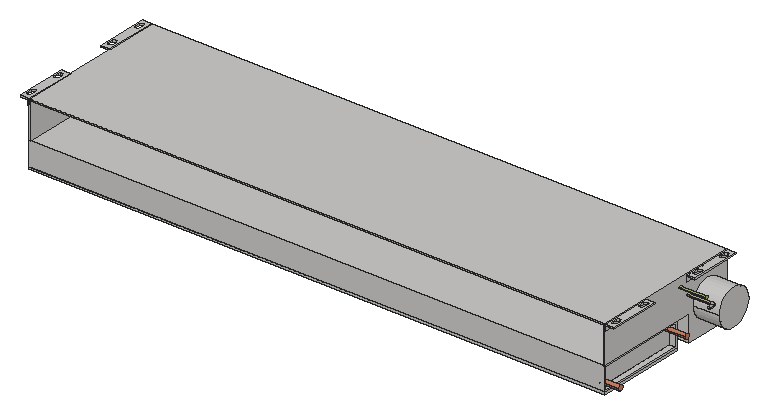
Revit family "HVAC-Chilled_Beam-Dadanco-ACB10", category Mechanical Equipment, Revit 2015
Parameters (values of type "6' Nominal Length")
  Zone Name [instance] = ""
  Zone ID [instance] = ""
  Unit Width = 17"  # constant formula
  Unit Weight = if(Nominal Unit Length = 24", "27 lb", if(Nominal Unit Length = 36", "35 lb", if(Nominal Unit Length = 48", "42 lb", if(Nominal Unit Length = 60", "49 lb", if(Nominal Unit Length = 72", "56 lb", "0 lb")))))  # "56 lb"
  Unit Tag = ""
  Unit Length = if(Nominal Unit Length = 24", 24", if(Nominal Unit Length = 36", 32", if(Nominal Unit Length = 48", 40", if(Nominal Unit Length = 60", 52", if(Nominal Unit Length = 72", 64", 12")))))  # 64"
  Unit Height = 7"  # constant formula
  URL = "http://www.dadanco.com/"
  Type Comments = "Horizonatally Mounted Induction Unit"
  Total Cooling Capacity = 0.0 Btu/h
  Top Bottom Air Inlet [instance] = or(Primary Air Inlet Top, Primary Air Inlet Bottom)  # no
  Supply Air = 0 CFM
  Sound Level dBA = ""
  Sound Level NC = ""
  Side Air Inlet [instance] = or(Primary Air Inlet Right, Primary Air Inlet Left)  # yes
  Secondary Air Sensible Heating = 0.0 Btu/h
  Secondary Air Sensible Cooling = 0.0 Btu/h
  Screen Material = Metal-Dadanco-Aluminum-Screen
  SHHW Temperature = 0 °F
  SHHW Temp Out = 0 °F
  SHHW Pressure Drop [instance] = HWPD  # 0 Pa
  SHHW Flow [instance] = HWF  # 0.0 GPM
  SCHW Temperature = 0 °F
  SCHW Temp Out = 0 °F
  SCHW Pressure Drop [instance] = CWPD  # 0 Pa
  SCHW Flow [instance] = CWF  # 0.0 GPM
  Revision Date = "12/28/2010"  # constant formula
  Product Page URL = "http://www.activechilledbeam.com/efficient_air_conditioning.asp"
  Primary Air Static Pressure [instance] = PASP  # 0.00 in-wg
  Primary Air Inlet Top [instance] = no
  Primary Air Inlet Size = 4"
  Primary Air Inlet Right [instance] = yes
  Primary Air Inlet Left [instance] = no
  Primary Air Inlet Bottom [instance] = no
  Primary Air Inlet Back [instance] = no
  Primary Air Flow Rate [instance] = PA  # 0 CFM
  PASP = 0.00 in-wg
  PA = 0 CFM
  Overall Unit Length = Unit Length + 2"  # 66"
  Oval Air Inlet Height = Oval Air Inlet Radius * 2  # 2"
  Side Air Inlet Round Radius = if(Primary Air Inlet Size = 3", 1 1/2", 2")  # 2"
  Oval Air Inlet Radius = if(Primary Air Inlet Size = 4", 1", if(Primary Air Inlet Size = 6", 1 77/256", 1"))  # 1"
  Oval Air Inlet Length = if(Primary Air Inlet Size = 4", 5", if(Primary Air Inlet Size = 6", 7 205/256", 5"))  # 5"
  Pipe Coil Outlet = if(and([4 Pipe Coil Configuration], [0.5 inch SWT Stub Coil Connection]), "4 Pipe Coi, 0.5 inch SWT Stub Coil Connection", if(and([2 Pipe Coil Configuration], [0.5 inch SWT Stub Coil Connection]), "2 Pipe Coi, 0.5 inch SWT Stub Coil Connection", if(and([4 Pipe Coil Configuration], [0.5 inch Male NPT Stub Coil Connection]), "4 Pipe Coi, 0.5 inch Male NPT Stub Coil Connection", if(and([2 Pipe Coil Configuration], [0.5 inch Male NPT Stub Coil Connection]), "2 Pipe Coi, 0.5 inch Male NPT Stub Coil Connection", if(and([4 Pipe Coil Configuration], [0.5 inch Female NPT Stub coil Connection]), "4 Pipe Coi, 0.5 inch Female NPT Stub Coil Connection", if(and([2 Pipe Coil Configuration], [0.5 inch Female NPT Stub coil Connection]), "2 Pipe Coi, 0.5 inch Female NPT Stub Coil Connection", "Not Specified"))))))  # "2 Pipe Coi, 0.5 inch SWT Stub Coil Connection"
  Pipe Coil Inlet = if(and([4 Pipe Coil Configuration], [0.5 inch SWT Stub Coil Connection]), "4 Pipe Coi, 0.5 inch SWT Stub Coil Connection", if(and([2 Pipe Coil Configuration], [0.5 inch SWT Stub Coil Connection]), "2 Pipe Coi, 0.5 inch SWT Stub Coil Connection", if(and([4 Pipe Coil Configuration], [0.5 inch Male NPT Stub Coil Connection]), "4 Pipe Coi, 0.5 inch Male NPT Stub Coil Connection", if(and([2 Pipe Coil Configuration], [0.5 inch Male NPT Stub Coil Connection]), "2 Pipe Coi, 0.5 inch Male NPT Stub Coil Connection", if(and([4 Pipe Coil Configuration], [0.5 inch Female NPT Stub coil Connection]), "4 Pipe Coi, 0.5 inch Female NPT Stub Coil Connection", if(and([2 Pipe Coil Configuration], [0.5 inch Female NPT Stub coil Connection]), "2 Pipe Coi, 0.5 inch Female NPT Stub Coil Connection", "Not Specified"))))))  # "2 Pipe Coi, 0.5 inch SWT Stub Coil Connection"
  Nozzle Configuration = ""
  Nominal Unit Length = 72"
  Net Unit Heating Sensible = 0.0 Btu/h
  Net Unit Cooling Sensible = 0.0 Btu/h
  Model Number = ""
  Lint Screen = yes
  Latent Cooling = 0.0 Btu/h
  Keynote = "23 37 00.A1"
  Heating Supply Air Temperature = 0 °F
  Heating Room Dry Bulb = 0 °F
  Heating Primary Air Wet Bulb = 0 °F
  Heating Primary Air Dry Bulb = 0 °F
  HWPD = 0 Pa
  HWF = 0.0 GPM
  Drain Pan [instance] = no
  Drain Front [instance] = and(Drain, Drain Outlet Front)  # no
  Drain Outlet Front [instance] = and(Drain Pan, not(Drain Outlet Back))  # no
  Drain Outlet Back [instance] = yes
  Drain Back [instance] = and(Drain, Drain Outlet Back)  # no
  Damper = yes
  Cooling Supply Air Temperature = 0 °F
  Cooling Room Relative Humidity = 0
  Cooling Room Dry Bulb = 0 °F
  Cooling Primary Air Wet Bulb = 0 °F
  Cooling Primary Air Dry Bulb = 0 °F
  CWPD = 0 Pa
  CWF = 0.0 GPM
  Back Air Inlet [instance] = Primary Air Inlet Back  # no
  Drain Pan Width = 14"  # constant formula
  Drain Pan Material = Metal-Dadanco-Steel-Galvanized Black Powder Coat Finish
  Drain Pan Length = if(Nominal Unit Length = 24", 28", if(Nominal Unit Length = 36", 36", if(Nominal Unit Length = 48", 44", if(Nominal Unit Length = 60", 56", if(Nominal Unit Length = 72", 68", 12")))))  # 68"
  Drain Pan Distance Below Unit [instance] = 8"  # constant formula
  Documentation Link = "http://www.dadanco.com/ACB/air_conditioning_literature.asp?productLineID=30"
  Drain [instance] = or(and(Drain Pan, Drain Outlet Back), and(Drain Pan, Drain Outlet Front))  # no
  Damper Lever Right [instance] = or(and(Primary Air Inlet Right, Damper), and(Primary Air Inlet Right, Damper), and(Back Air Inlet, Damper), and(Top Bottom Air Inlet, Damper))  # yes
  Damper Lever Left [instance] = and(Damper, (not(Damper Lever Right)))  # no
  Comiss Tube Right [instance] = Coil Connection Right  # yes
  Comiss Tube Left [instance] = Coil Connection Left  # no
  Coil Connection Right [instance] = yes
  Coil Connection Left [instance] = not(Coil Connection Right)  # no
  Coil Length = if(Nominal Unit Length = 24", 24", if(Nominal Unit Length = 36", 32", if(Nominal Unit Length = 48", 40", if(Nominal Unit Length = 60", 52", if(Nominal Unit Length = 72", 64", 0")))))  # 64"
  Model = "ACB10"  # constant formula
  Manufacturer = "Dadanco"  # constant formula
  Housing Material = Metal-Dadanco-Steel-Galvanized
  Description = "Active Chilled Beam"  # constant formula
  Architectural Design Manual = "http://www.activechilledbeam.com/efficient_air_conditioning.asp"
  Air Inlet Left [instance] = if(Primary Air Inlet Left, 0", 15/16")  # 15/16"
  Air Inlet Right (A) [instance] = if(Primary Air Inlet Right, 0", 15/16")  # 0"
  Oval Air Inlet Half Length = Oval Air Inlet Length / 2  # 2 1/2"
  4 Pipe Coil Configuration Right [instance] = and([4 Pipe Coil Configuration], Coil Connection Right)  # no
  4 Pipe Coil Configuration Left [instance] = and([4 Pipe Coil Configuration], Coil Connection Left)  # no
  4 Pipe Coil Configuration = if([2 or 4 pipe] = 4, 1 = 1, 1 = 0)  # no
  2 or 4 pipe = 2
  2 Pipe Coil Configuration = if([2 or 4 pipe] = 2, 1 = 1, 1 = 0)  # yes
  Assembly Code = "D3040100"
  0.5 inch SWT Stub Coil Connection = not(or([0.5 inch Male NPT Stub Coil Connection], [0.5 inch Female NPT Stub coil Connection]))  # yes
  0.5 inch Male NPT Stub Coil Connection = no
  0.5 inch Female NPT Stub coil Connection = no
Reference planes (in)
  plane 1 "Center (Front/Back)": y = 5.39627
  plane 2 "Center of Unit Height": z = -3.5
  plane 3 "Center (Left/Right)": x = 0.55581
  plane 4 "Nominal Right": x = 33.55581
  plane 5 "Back Face": y = 13.89627
  plane 6 "Front Face": y = -3.10373
  plane 7 "Top Face": z = 0
  plane 8 "Nominal Left": x = -32.44419
  plane 9 "Left Face": x = -31.44419
  plane 10 "Right Face": x = 32.55581
  plane 11 "Left End of Coil": x = -30.69419
  plane 12 "Right End of Coil": x = 31.80581
  plane 13 "Bottom Plenum Face": z = -7
  plane 14 "Top Face of Coil Unit": z = -4.15
  plane 15 "Plenum Front Face": y = 8.60327
  plane 16 "Back Face of Coil Unit": y = 6.89627
  plane 17 "Drain Pan Left End": x = -33.44419
  plane 18 "Drain Pan Right End": x = 34.55581
  plane 19 "Drain Pan Back Edge": y = 8.89627
  plane 20 "Drain Pan Front Edge": y = -5.10373
  plane 21 "Drain Pan Bottom": z = -15
  plane 22 "Side Air Inlet Centerline Vertical": y = 11.14627
  plane 23 "Comiss Tube Centerline Horizontal": z = -0.879
  plane 24 "Comiss Tube Centerline Vertical": y = 7.36127
  plane 25 "Damper Lever Centerline Vertical": y = 8.45527
  plane 26 "Damper Lever Centerline Horizontal": z = -2.075
  plane 27 "Left Pipe Centerline Horizontal": z = -6
  plane 28 "Left Pipe Centerline Vertical": y = -2.72873
  plane 29: y = 0.39627
  plane 30: y = 4.14627
  plane 31 "Right Pipe Centerline Vertical": y = 6.52127
  plane 32 "Upper Pipe Centerline Horizontal": z = -4.9
Forms (in)
  Extrusion 1, solid, material "Metal-Dadanco-Steel-Galvanized" <- "Housing Material"
    sketch origin (0.55581, 0, 0) x (0, 1, 0) y (0, 0, 1)
      loop
        line (-3.10373, 0) -> (-3.10373, -4.15) -> (8.60327, -4.15) -> (8.60327, -7) -> (13.89627, -7) -> (13.89627, 0) -> (-3.10373, 0)
    from -32 to 32
  Extrusion 2, solid, material "Metal-Dadanco-Steel-Galvanized" <- "Housing Material"
    sketch origin (0.55581, 0, 0) x (0, 1, 0) y (0, 0, 1)
      loop
        line (-3.10373, -6.75) -> (6.89627, -6.75) -> (6.89627, -4.15) -> (-3.10373, -4.15) -> (-3.10373, -6.75)
    from -32 to 32
  Extrusion 3, void
    sketch origin (0.55581, 0, 0) x (0, 1, 0) y (0, 0, 1)
      loop
        line (-3.00998, -6.65625) -> (6.80252, -6.65625) -> (6.80252, -4.24375) -> (-3.00998, -4.24375) -> (-3.00998, -6.65625)
    from 31.25 to 32
  Extrusion 4, void
    sketch origin (-31.44419, -4.5755, 36) x (0, -1, 0) y (0, 0, 1)
      loop
        line (-11.37802, -42.65625) -> (-1.56552, -42.65625) -> (-1.56552, -40.24375) -> (-11.37802, -40.24375) -> (-11.37802, -42.65625)
    from -0.75 to 0
  Extrusion 5, solid, material "Metal-Dadanco-Steel-Galvanized" <- "Housing Material", detail levels medium+fine
    sketch origin (0, 0, -5.441) x (0, -1, 0) y (1, 0, 0)
      loop
        line (3.10373, -31.44419) -> (3.10373, 32.55581) -> (-6.89627, 32.55581) -> (-6.89627, -31.44419) -> (3.10373, -31.44419)
      loop
        line (2.35373, -30.69419) -> (2.35373, 31.80581) -> (-6.14627, 31.80581) -> (-6.14627, -30.69419) -> (2.35373, -30.69419)
    from -1.559 to -1.309
  Extrusion 6, solid, material "Metal-Dadanco-Aluminum-Screen" <- "Screen Material", visible <- "Lint Screen", detail levels medium+fine
    sketch origin (0, 0, -5.441) x (0, -1, 0) y (1, 0, 0)
      loop
        line (2.35373, -30.69419) -> (2.35373, 31.80581) -> (-6.14627, 31.80581) -> (-6.14627, -30.69419) -> (2.35373, -30.69419)
    from -1.434 to -1.309
  Extrusion 7, void
    sketch origin (0, 6.82127, 0) x (0, 0, -1) y (1, 0, 0)
      loop
        line (0.125, -31.31919) -> (4.15, -31.31919) -> (4.15, 32.43081) -> (0.125, 32.43081) -> (0.125, -31.31919)
    from -0.075 to 9.925
  Extrusion 8, solid, material "Metal-Dadanco-Steel-Galvanized Black Powder Coat Finish" <- "Drain Pan Material", visible <- "Drain Pan", detail levels medium+fine
    sketch origin (0, 0, -5.441) x (0, -1, 0) y (1, 0, 0)
      loop
        line (5.10373, -33.44419) -> (5.10373, 34.55581) -> (-8.89627, 34.55581) -> (-8.89627, -33.44419) -> (5.10373, -33.44419)
    from -9.559 to -8.359
  Extrusion 9, void
    sketch origin (0, 0, -5.441) x (0, -1, 0) y (1, 0, 0)
      loop
        line (5.00998, -33.35044) -> (5.00998, 34.46206) -> (-8.80252, 34.46206) -> (-8.80252, -33.35044) -> (5.00998, -33.35044)
    from -9.359 to -8.359
  Extrusion 10, solid, material "Metal-Dadanco-Steel-Galvanized Black Powder Coat Finish" <- "Drain Pan Material", visible <- "Drain Pan", detail levels medium+fine
    sketch origin (0, 6.82127, 0) x (0, 0, -1) y (1, 0, 0)
      loop
        line (13.8, -33.44419) -> (13.8, -34.64419) -> (13.925, -34.64419) -> (13.925, -33.44419) -> (13.8, -33.44419)
    from -2.075 to 11.925
  Extrusion 11, solid, material "Metal-Dadanco-Steel-Galvanized Black Powder Coat Finish" <- "Drain Pan Material", visible <- "Drain Pan", detail levels medium+fine
    sketch origin (0, 6.82127, 0) x (0, 0, -1) y (1, 0, 0)
      loop
        line (13.8, 34.55581) -> (13.925, 34.55581) -> (13.925, 35.75581) -> (13.8, 35.75581) -> (13.8, 34.55581)
    from -2.075 to 11.925
  Extrusion 12, solid, material "Metal-Dadanco-Copper-Satin", visible <- "Drain Back"
    sketch origin (-28.20106, 13.89627, 48) x (-1, 0, 0) y (0, 0, 1)
      loop
        circle (4.24312, -62.625) r 0.25
    from -5 to -3.875
  Extrusion 13, solid, material "Metal-Dadanco-Steel-Galvanized" <- "Housing Material", visible <- "Primary Air Inlet Right", detail levels medium+fine
    sketch origin (0.55581, 11.14627, -5.441) x (0, -1, 0) y (0, 0, 1)
      loop
        circle (0, 1.941) r 2
    from -35 to -32
  Extrusion 14, solid, material "Metal-Dadanco-Steel-Galvanized" <- "Housing Material", visible <- "Primary Air Inlet Back"
    sketch origin (-28.20106, 13.89627, 48) x (-1, 0, 0) y (0, 0, 1)
      loop
        line (-30.25688, -52.5) -> (-27.25688, -52.5)
        arc (-27.25688, -52.5) -> (-26.25688, -51.5) -> (-27.25688, -50.5) r 1
        line (-27.25688, -50.5) -> (-30.25688, -50.5)
        arc (-30.25688, -50.5) -> (-31.25688, -51.5) -> (-30.25688, -52.5) r 1
    from 0 to 3
  Extrusion 15, solid, material "Metal-Dadanco-Steel-Galvanized" <- "Housing Material", visible <- "Primary Air Inlet Bottom", detail levels medium+fine
    sketch origin (-0.79009, 13.89627, -3.5) x (0, 1, 0) y (1, 0, 0)
      loop
        line (-1.75, -0.1541) -> (-1.75, 2.8459)
        arc (-1.75, 2.8459) -> (-2.75, 3.8459) -> (-3.75, 2.8459) r 1
        line (-3.75, 2.8459) -> (-3.75, -0.1541)
        arc (-3.75, -0.1541) -> (-2.75, -1.1541) -> (-1.75, -0.1541) r 1
    from 3.5 to 6.5
  Extrusion 16, solid, material "Metal-Dadanco-Steel-Galvanized" <- "Housing Material", visible <- "Primary Air Inlet Top", detail levels medium+fine
    sketch origin (-0.79009, 13.89627, 10.5) x (0, 1, 0) y (1, 0, 0)
      loop
        line (-1.75, -0.1541) -> (-1.75, 2.8459)
        arc (-1.75, 2.8459) -> (-2.75, 3.8459) -> (-3.75, 2.8459) r 1
        line (-3.75, 2.8459) -> (-3.75, -0.1541)
        arc (-3.75, -0.1541) -> (-2.75, -1.1541) -> (-1.75, -0.1541) r 1
    from 7.5 to 10.5
  Extrusion 17, solid, material "Metal-Dadanco-Copper-Platina", visible <- "Comiss Tube Right", detail levels medium+fine
    sketch origin (32.55581, -4.5755, 36) x (0, 1, 0) y (0, 0, -1)
      loop
        circle (11.93677, 36.879) r 0.125
    from -3 to 0
  Sweep 18, solid, material "Metal-Dadanco-Aluminum-Anodized Bronze", visible <- "Damper Lever Right", detail levels medium+fine
    path origin (-7.44419, 8.45527, -2.075) x (0, -1, 0) y (1, 0, 0)
      loop
        line (-0.01882, 40) -> (-0.01882, 42.625)
        arc (-0.01882, 42.625) -> (0.09102, 42.89017) -> (0.35618, 43) r 0.375
        line (0.35618, 43) -> (0.73118, 43)
    profile origin (33.86831, 8.47409, -2.075) x (0, 1, 0) y (0, 0, 1)
      loop
        circle (0, 0) r 0.125
  Extrusion 19, solid, material "Metal-Dadanco-Copper-Satin", visible <- "Coil Connection Right", detail levels medium+fine
    sketch origin (0.55581, -2.75073, -2.075) x (0, -1, 0) y (0, 0, 1)
      loop
        circle (-0.022, -3.925) r 0.25
    from -33.5 to -31.25
  Extrusion 20, solid, material "Metal-Dadanco-Copper-Satin", visible <- "Coil Connection Right", detail levels medium+fine
    sketch origin (0.55581, 6.52127, -2.075) x (0, -1, 0) y (0, 0, 1)
      loop
        circle (0, -2.825) r 0.25
    from -33.5 to -31.25
  Extrusion 21, solid, material "Metal-Dadanco-Copper-Satin", visible <- "4 Pipe Coil Configuration Right", detail levels medium+fine
    sketch origin (0.55581, 0.37427, -2.075) x (0, -1, 0) y (0, 0, 1)
      loop
        circle (-0.022, -2.825) r 0.25
    from -33.5 to -31.25
  Extrusion 22, solid, material "Metal-Dadanco-Copper-Satin", visible <- "4 Pipe Coil Configuration Right", detail levels medium+fine
    sketch origin (0.55581, 3.62427, -2.075) x (0, -1, 0) y (0, 0, 1)
      loop
        circle (-0.522, -2.825) r 0.25
    from -33.5 to -31.25
  Extrusion 23, solid, material "Metal-Dadanco-Steel-Galvanized" <- "Housing Material", visible <- "Primary Air Inlet Left", detail levels medium+fine
    sketch origin (0.55581, 11.14627, -5.441) x (0, -1, 0) y (0, 0, -1)
      loop
        circle (0, -1.941) r 2
    from -35 to -32
  Extrusion 24, solid, material "Metal-Dadanco-Copper-Platina", visible <- "Comiss Tube Left", detail levels medium+fine
    sketch origin (-11.44419, -4.5755, 36) x (0, 1, 0) y (0, 0, 1)
      loop
        circle (11.93677, -36.879) r 0.125
    from -23 to -20
  Sweep 25, solid, material "Metal-Dadanco-Aluminum-Anodized Bronze", visible <- "Damper Lever Left", detail levels medium+fine
    path origin (8.55581, 8.45527, -2.075) x (0, -1, 0) y (1, 0, 0)
      loop
        line (-0.01882, -40) -> (-0.01882, -42.625)
        arc (-0.01882, -42.625) -> (0.09102, -42.89017) -> (0.35618, -43) r 0.375
        line (0.35618, -43) -> (0.73118, -43)
    profile origin (-32.75669, 8.47409, -2.075) x (0, -1, 0) y (0, 0, 1)
      loop
        circle (0, 0) r 0.125
  Extrusion 26, solid, material "Metal-Dadanco-Copper-Satin", visible <- "Coil Connection Left", detail levels medium+fine
    sketch origin (0.55581, -2.75073, -2.075) x (0, -1, 0) y (0, 0, -1)
      loop
        circle (-0.022, 3.925) r 0.25
    from -33.5 to -31.25
  Extrusion 27, solid, material "Metal-Dadanco-Copper-Satin", visible <- "Coil Connection Left", detail levels medium+fine
    sketch origin (0.55581, 6.52127, -2.075) x (0, -1, 0) y (0, 0, -1)
      loop
        circle (0, 2.825) r 0.25
    from -33.5 to -31.25
  Extrusion 28, solid, material "Metal-Dadanco-Copper-Satin", visible <- "4 Pipe Coil Configuration Left", detail levels medium+fine
    sketch origin (0.55581, 0.37427, -2.075) x (0, -1, 0) y (0, 0, -1)
      loop
        circle (-0.022, 2.825) r 0.25
    from -33.5 to -31.25
  Extrusion 29, solid, material "Metal-Dadanco-Copper-Satin", visible <- "4 Pipe Coil Configuration Left", detail levels medium+fine
    sketch origin (0.55581, 3.62427, -2.075) x (0, -1, 0) y (0, 0, -1)
      loop
        circle (-0.522, 2.825) r 0.25
    from -33.5 to -31.25
  Extrusion 30, solid, material "Metal-Dadanco-Copper-Satin", visible <- "Drain Front", detail levels medium+fine
    sketch origin (0, -5.10373, 0) x (-1, 0, 0) y (0, 0, 1)
      loop
        circle (-33.55581, -14.625) r 0.25
    from -1.125 to 0
Cuts and joins
  Extrusion 3, Extrusion 4 cuts Extrusion 2
  Extrusion 4, Extrusion 7 cuts Extrusion 1
  Extrusion 9 cuts Extrusion 8
  joined: Extrusion 8, Extrusion 10, Extrusion 11
Lines and regions (in)
  Masking region 1, detail levels coarse
    outline origin (0, 0, 0) x (0, 1, 0) y (-1, 0, 0)
      loop
        line (-5.10373, 34.64419) -> (-5.10373, -35.75581) -> (13.89627, -35.75581) -> (13.89627, 34.64419) -> (-5.10373, 34.64419)
  Masking region 2, detail levels medium+fine
    outline origin (0, 0, 0) x (0, 1, 0) y (-1, 0, 0)
      loop
        line (13.89627, 31.44419) -> (-3.10373, 31.44419) -> (-3.10373, -32.55581) -> (13.89627, -32.55581) -> (13.89627, 31.44419)
  Masking region 3, detail levels medium+fine
    outline origin (0, 0, 0) x (0, 1, 0) y (-1, 0, 0)
      loop
        line (13.89627, -32.55581) -> (8.14627, -32.55581) -> (8.14627, -33.55581) -> (13.89627, -33.55581) -> (13.89627, -32.55581)
  Masking region 4, detail levels medium+fine
    outline origin (0, 0, 0) x (0, 1, 0) y (-1, 0, 0)
      loop
        line (2.64627, -33.55581) -> (2.64627, -32.55581) -> (-3.10373, -32.55581) -> (-3.10373, -33.55581) -> (2.64627, -33.55581)
  Masking region 5, detail levels medium+fine
    outline origin (0, 0, 0) x (0, 1, 0) y (-1, 0, 0)
      loop
        line (-3.10373, 32.44419) -> (-3.10373, 31.44419) -> (2.64627, 31.44419) -> (2.64627, 32.44419) -> (-3.10373, 32.44419)
  Masking region 6, visible <- "Back Air Inlet", detail levels medium+fine
    outline origin (0, 0, -3.5) x (1, 0, 0) y (0, 1, 0)
      loop
        line (-1.94419, 13.89627) -> (3.05581, 13.89627) -> (3.05581, 16.89627) -> (-1.94419, 16.89627) -> (-1.94419, 13.89627)
  Masking region 7, visible <- "Drain", detail levels medium+fine
    outline origin (0, 0, -15) x (-1, 0, 0) y (0, -1, 0)
      loop
        line (33.44419, 5.10373) -> (-34.55581, 5.10373) -> (-34.55581, -8.89627) -> (33.44419, -8.89627) -> (33.44419, 5.10373)
  Masking region 8, visible <- "Primary Air Inlet Right", detail levels medium+fine
    outline origin (0, 0, -3.5) x (1, 0, 0) y (0, 1, 0)
      loop
        line (32.55581, 13.14627) -> (32.55581, 9.14627) -> (35.55581, 9.14627) -> (35.55581, 13.14627) -> (32.55581, 13.14627)
  Masking region 9, visible <- "Primary Air Inlet Left", detail levels medium+fine
    outline origin (0, 0, -3.5) x (1, 0, 0) y (0, 1, 0)
      loop
        line (-34.44419, 9.14627) -> (-31.44419, 9.14627) -> (-31.44419, 13.14627) -> (-34.44419, 13.14627) -> (-34.44419, 9.14627)
  Masking region 10, visible <- "Drain Front", detail levels medium+fine
    outline origin (0, 0, -15) x (-1, 0, 0) y (0, -1, 0)
      loop
        line (-33.30581, 6.22873) -> (-33.80581, 6.22873) -> (-33.80581, 5.10373) -> (-33.30581, 5.10373) -> (-33.30581, 6.22873)
  Masking region 11, visible <- "Coil Connection Right", detail levels medium+fine
    outline origin (0, 0, -4.9) x (0, -1, 0) y (1, 0, 0)
      loop
        line (2.47873, 34.05581) -> (2.47873, 33.55581) -> (2.9711, 33.55581) -> (2.9711, 34.05581) -> (2.47873, 34.05581)
  Masking region 12, visible <- "4 Pipe Coil Configuration Right", detail levels medium+fine
    outline origin (0, 0, -4.9) x (0, -1, 0) y (1, 0, 0)
      loop
        line (-0.64627, 34.05581) -> (-0.64627, 33.55581) -> (-0.14271, 33.55581) -> (-0.14271, 34.05581) -> (-0.64627, 34.05581)
  Masking region 13, visible <- "4 Pipe Coil Configuration Right", detail levels medium+fine
    outline origin (0, 0, -4.9) x (0, -1, 0) y (1, 0, 0)
      loop
        line (-4.39627, 34.05581) -> (-4.39627, 32.55581) -> (-3.89264, 32.55581) -> (-3.89264, 34.05581) -> (-4.39627, 34.05581)
  Masking region 14, visible <- "Coil Connection Right", detail levels medium+fine
    outline origin (0, 0, -4.9) x (0, -1, 0) y (1, 0, 0)
      loop
        line (-6.77127, 34.05581) -> (-6.77127, 32.55581) -> (-6.27099, 32.55581) -> (-6.27099, 34.05581) -> (-6.77127, 34.05581)
  Masking region 15, visible <- "Comiss Tube Right", detail levels medium+fine
    outline origin (0, 0, -0.879) x (0, -1, 0) y (1, 0, 0)
      loop
        line (-7.23627, 32.55581) -> (-7.23627, 35.55581) -> (-7.48627, 35.55581) -> (-7.48627, 32.55581) -> (-7.23627, 32.55581)
  Masking region 16, visible <- "Damper Lever Right", detail levels medium+fine
    outline origin (0, 0, -2.075) x (0, -1, 0) y (1, 0, 0)
      loop
        line (-8.3492, 32.55581) -> (-8.3492, 35.66774) -> (-8.60327, 35.66774) -> (-8.60327, 32.55581) -> (-8.3492, 32.55581)
  Masking region 17, visible <- "Coil Connection Left", detail levels medium+fine
    outline origin (0, 0, -4.9) x (0, -1, 0) y (1, 0, 0)
      loop
        line (2.97873, -32.94419) -> (2.97873, -32.44419) -> (2.4799, -32.44419) -> (2.4799, -32.94419) -> (2.97873, -32.94419)
  Masking region 18, visible <- "4 Pipe Coil Configuration Left", detail levels medium+fine
    outline origin (0, 0, -4.9) x (0, -1, 0) y (1, 0, 0)
      loop
        line (-0.14627, -32.94419) -> (-0.14627, -32.44419) -> (-0.64616, -32.44419) -> (-0.64616, -32.94419) -> (-0.14627, -32.94419)
  Masking region 19, visible <- "4 Pipe Coil Configuration Left", detail levels medium+fine
    outline origin (0, 0, -4.9) x (0, -1, 0) y (1, 0, 0)
      loop
        line (-3.89627, -32.94419) -> (-3.89627, -31.44419) -> (-4.39627, -31.44419) -> (-4.39627, -32.94419) -> (-3.89627, -32.94419)
  Masking region 20, visible <- "Coil Connection Left", detail levels medium+fine
    outline origin (0, 0, -4.9) x (0, -1, 0) y (1, 0, 0)
      loop
        line (-6.27127, -32.94419) -> (-6.27127, -31.44419) -> (-6.77127, -31.44419) -> (-6.77127, -32.94419) -> (-6.27127, -32.94419)
  Masking region 21, visible <- "Comiss Tube Left", detail levels medium+fine
    outline origin (0, 0, -0.879) x (0, -1, 0) y (1, 0, 0)
      loop
        line (-7.23627, -34.44419) -> (-7.23627, -31.44419) -> (-7.48627, -31.44419) -> (-7.48627, -34.44419) -> (-7.23627, -34.44419)
  Masking region 22, visible <- "Damper Lever Left", detail levels medium+fine
    outline origin (0, 0, -2.075) x (0, -1, 0) y (1, 0, 0)
      loop
        line (-8.60327, -32.44419) -> (-8.60327, -34.56875) -> (-8.35327, -34.56875) -> (-8.35327, -32.44419) -> (-8.60327, -32.44419)
  Masking region 23, detail levels coarse
    outline origin (-28.20106, -3.10373, 48) x (-1, 0, 0) y (0, 0, 1)
      loop
        line (4.24312, -48) -> (-61.75688, -48) -> (-61.75688, -63) -> (4.24312, -63) -> (4.24312, -48)
  Masking region 24, detail levels medium+fine
    outline origin (0, 0, 0) x (0, 1, 0) y (-1, 0, 0)
      loop
        line (13.89627, 32.44419) -> (8.14627, 32.44419) -> (8.14627, 31.44419) -> (13.89627, 31.44419) -> (13.89627, 32.44419)
  Masking region 25, visible <- "Primary Air Inlet Top", detail levels medium+fine
    outline origin (0, 11.14627, 0) x (-1, 0, 0) y (0, 0, 1)
      loop
        line (-3.05581, 0) -> (1.94419, 0) -> (1.94419, 3) -> (-3.05581, 3) -> (-3.05581, 0)
  Masking region 26, visible <- "Primary Air Inlet Bottom", detail levels medium+fine
    outline origin (0, 11.14627, 0) x (-1, 0, 0) y (0, 0, 1)
      loop
        line (1.94419, -10) -> (1.94419, -7) -> (-3.05581, -7) -> (-3.05581, -10) -> (1.94419, -10)
  Masking region 27, visible <- "Primary Air Inlet Right", detail levels medium+fine
    outline origin (0, 11.14627, 0) x (-1, 0, 0) y (0, 0, 1)
      loop
        line (-35.55581, -5.5) -> (-32.55581, -5.5) -> (-32.55581, -1.5) -> (-35.55581, -1.5) -> (-35.55581, -5.5)
  Masking region 28, visible <- "Primary Air Inlet Left", detail levels medium+fine
    outline origin (0, 11.14627, 0) x (-1, 0, 0) y (0, 0, 1)
      loop
        line (34.44419, -5.5) -> (34.44419, -1.5) -> (31.44419, -1.5) -> (31.44419, -5.5) -> (34.44419, -5.5)
  Masking region 29, visible <- "Drain Pan", detail levels medium+fine
    outline origin (0, -5.10373, 0) x (-1, 0, 0) y (0, 0, 1)
      loop
        line (33.44419, -15) -> (33.44419, -13.8) -> (-34.55581, -13.8) -> (-34.55581, -15) -> (33.44419, -15)
  Masking region 30, visible <- "Coil Connection Right", detail levels medium+fine
    outline origin (0, 6.52127, 0) x (0, 0, 1) y (1, 0, 0)
      loop
        line (-5.75, 34.05581) -> (-6.25168, 34.05581) -> (-6.25168, 32.55581) -> (-5.75, 32.55581) -> (-5.75, 34.05581)
  Masking region 31, visible <- "Coil Connection Right", detail levels medium+fine
    outline origin (0, 6.52127, 0) x (0, 0, 1) y (1, 0, 0)
      loop
        line (-4.65, 34.05581) -> (-5.14868, 34.05581) -> (-5.14868, 32.55581) -> (-4.65, 32.55581) -> (-4.65, 34.05581)
  Masking region 32, visible <- "Damper Lever Right", detail levels medium+fine
    outline origin (0, 8.45527, 0) x (0, 0, 1) y (1, 0, 0)
      loop
        line (-2.2, 32.55581) -> (-1.95, 32.55581) -> (-1.95, 35.67544) -> (-2.2, 35.67544) -> (-2.2, 32.55581)
  Masking region 33, visible <- "Comiss Tube Right", detail levels medium+fine
    outline origin (0, 7.36127, 0) x (0, 0, 1) y (1, 0, 0)
      loop
        line (-1.004, 32.55581) -> (-0.754, 32.55581) -> (-0.754, 35.55581) -> (-1.004, 35.55581) -> (-1.004, 32.55581)
  Masking region 34, visible <- "Comiss Tube Left", detail levels medium+fine
    outline origin (0, 7.36127, 0) x (0, 0, 1) y (1, 0, 0)
      loop
        line (-1.004, -34.44419) -> (-0.754, -34.44419) -> (-0.754, -31.44419) -> (-1.004, -31.44419) -> (-1.004, -34.44419)
  Masking region 35, visible <- "Damper Lever Left", detail levels medium+fine
    outline origin (0, 8.45527, 0) x (0, 0, 1) y (1, 0, 0)
      loop
        line (-1.95, -31.44419) -> (-2.2, -31.44419) -> (-2.2, -34.5678) -> (-1.95, -34.5678) -> (-1.95, -31.44419)
  Masking region 36, visible <- "Coil Connection Left", detail levels medium+fine
    outline origin (0, -2.72873, 0) x (0, 0, -1) y (1, 0, 0)
      loop
        line (5.15, -32.94419) -> (5.15, -31.44419) -> (4.64917, -31.44419) -> (4.64917, -32.94419) -> (5.15, -32.94419)
  Masking region 37, visible <- "Coil Connection Left", detail levels medium+fine
    outline origin (0, -2.72873, 0) x (0, 0, -1) y (1, 0, 0)
      loop
        line (6.25, -32.94419) -> (6.25, -31.44419) -> (5.74745, -31.44419) -> (5.74745, -32.94419) -> (6.25, -32.94419)
  Masking region 38, detail levels medium+fine
    outline origin (-28.20106, -3.10373, 48) x (-1, 0, 0) y (0, 0, 1)
      loop
        line (3.24312, -48) -> (-60.75688, -48) -> (-60.75688, -55) -> (3.24312, -55) -> (3.24312, -48)
  Masking region 39, detail levels coarse
    outline origin (32.55581, -4.5755, 36) x (0, 1, 0) y (0, 0, 1)
      loop
        line (-0.52823, -51) -> (18.47177, -51) -> (18.47177, -36) -> (-0.52823, -36) -> (-0.52823, -51)
  Masking region 40, detail levels medium+fine
    outline origin (31.80581, -32.70874, 48) x (0, -1, 0) y (0, 0, 1)
      loop
        line (-29.60501, -55) -> (-29.60501, -52.15) -> (-39.60501, -52.15) -> (-39.60501, -55) -> (-29.60501, -55)
  Masking region 41, detail levels medium+fine
    outline origin (32.55581, -4.5755, 36) x (0, 1, 0) y (0, 0, 1)
      loop
        line (1.47177, -36) -> (1.47177, -40.15) -> (13.17877, -40.15) -> (13.17877, -43) -> (18.47177, -43) -> (18.47177, -36) -> (1.47177, -36)
  Masking region 42, visible <- "Primary Air Inlet Top", detail levels medium+fine
    outline origin (0.55581, 0, 0) x (0, 1, 0) y (0, 0, 1)
      loop
        line (10.14627, 0) -> (12.14627, 0) -> (12.14627, 3) -> (10.14627, 3) -> (10.14627, 0)
  Masking region 43, visible <- "Primary Air Inlet Back", detail levels medium+fine
    outline origin (0.55581, 0, 0) x (0, 1, 0) y (0, 0, 1)
      loop
        line (13.89627, -2.5) -> (13.89627, -4.5) -> (16.89627, -4.5) -> (16.89627, -2.5) -> (13.89627, -2.5)
  Masking region 44, visible <- "Primary Air Inlet Bottom", detail levels medium+fine
    outline origin (0.55581, 0, 0) x (0, 1, 0) y (0, 0, 1)
      loop
        line (10.14627, -7) -> (10.14627, -10) -> (12.14627, -10) -> (12.14627, -7) -> (10.14627, -7)
  Masking region 45, visible <- "Drain Pan", detail levels medium+fine
    outline origin (34.55581, 0, 0) x (0, -1, 0) y (0, 0, 1)
      loop
        line (5.10373, -15) -> (5.10373, -13.8) -> (-8.89627, -13.8) -> (-8.89627, -15) -> (5.10373, -15)
  Masking region 46, visible <- "Drain Back", detail levels medium+fine
    outline origin (32.55581, -4.5755, 36) x (0, 1, 0) y (0, 0, 1)
      loop
        line (13.47177, -50.875) -> (14.59677, -50.875) -> (14.59677, -50.375) -> (13.47177, -50.375) -> (13.47177, -50.875)
  Masking region 47, visible <- "Drain Front", detail levels medium+fine
    outline origin (32.55581, -4.5755, 36) x (0, 1, 0) y (0, 0, 1)
      loop
        line (-1.65323, -50.875) -> (-0.52823, -50.875) -> (-0.52823, -50.375) -> (-1.65323, -50.375) -> (-1.65323, -50.875)
  reference lines
    curve 1: line (-32.44419, 13.89627, -12.65253) -> (-32.44419, 13.89627, -16.30589)
    curve 2: line (-35.3892, 13.89627, -14.625) -> (-30.3892, 13.89627, -14.625)
    curve 3: line (3.05581, 13.89627, -1.66459) -> (3.05581, 13.89627, -5.91459)
    curve 4: line (2.05581, 13.89627, -1.66459) -> (2.05581, 13.89627, -5.91459)
    curve 5: line (-0.94419, 13.89627, -1.66459) -> (-0.94419, 13.89627, -5.91459)
    curve 6: line (-1.94419, 13.89627, -1.66459) -> (-1.94419, 13.89627, -5.73317)
    curve 7: line (3.77183, 13.89627, -2.5) -> (-2.72817, 13.89627, -2.5)
    curve 8: line (3.77183, 13.89627, -4.5) -> (-2.72817, 13.89627, -4.5)
    curve 9: line (-3.16262, 12.14627, -3.5) -> (4.33738, 12.14627, -3.5)
    curve 10: line (-3.16262, 10.14627, -3.5) -> (4.33738, 10.14627, -3.5)
    curve 11: line (3.05581, 13.39627, -3.5) -> (3.05581, 9.39627, -3.5)
    curve 12: line (-1.94419, 13.39627, -3.5) -> (-1.94419, 9.39627, -3.5)
    curve 13: line (-0.94419, 13.39627, -3.5) -> (-0.94419, 9.39627, -3.5)
    curve 14: line (2.05581, 13.39627, -3.5) -> (2.05581, 9.39627, -3.5)
    curve 15: line (33.55581, 6.82127, -13.19942) -> (33.55581, 6.82127, -16.44942)
    curve 16: line (36.21142, 6.82127, -14.625) -> (30.96142, 6.82127, -14.625)
  symbolic lines, visible <- "Primary Air Inlet Top", detail levels medium+fine
    curve 17: line (2.05581, 12.14627, 0) -> (-0.94419, 12.14627, 0)
    curve 18: arc (-0.94419, 10.14627, 0) -> (-1.94419, 11.14627, 0) -> (-0.94419, 12.14627, 0) r 1
    curve 19: line (-0.94419, 10.14627, 0) -> (2.05581, 10.14627, 0)
    curve 20: arc (2.05581, 12.14627, 0) -> (3.05581, 11.14627, 0) -> (2.05581, 10.14627, 0) r 1
  symbolic lines, detail levels fine
    curve 21: arc (-32.25669, 13.14627, 0) -> (-32.00669, 13.39627, 0) -> (-31.75669, 13.14627, 0) r 0.25
    curve 22: line (-32.25669, 13.14627, 0) -> (-32.25669, 12.64627, 0)
    curve 23: arc (-31.75669, 12.64627, 0) -> (-32.00669, 12.39627, 0) -> (-32.25669, 12.64627, 0) r 0.25
    curve 24: line (-31.75669, 12.64627, 0) -> (-31.75669, 13.14627, 0)
    curve 25: arc (-32.25669, 9.39627, 0) -> (-32.00669, 9.64627, 0) -> (-31.75669, 9.39627, 0) r 0.25
    curve 26: arc (-31.75669, 8.89627, 0) -> (-32.00669, 8.64627, 0) -> (-32.25669, 8.89627, 0) r 0.25
    curve 27: line (-31.75669, 8.89627, 0) -> (-31.75669, 9.39627, 0)
    curve 28: line (-32.25669, 9.39627, 0) -> (-32.25669, 8.89627, 0)
    curve 29: arc (-32.25669, 1.89627, 0) -> (-32.00669, 2.14627, 0) -> (-31.75669, 1.89627, 0) r 0.25
    curve 30: arc (-31.75669, 1.39627, 0) -> (-32.00669, 1.14627, 0) -> (-32.25669, 1.39627, 0) r 0.25
    curve 31: line (-31.75669, 1.39627, 0) -> (-31.75669, 1.89627, 0)
    curve 32: line (-32.25669, 1.89627, 0) -> (-32.25669, 1.39627, 0)
    curve 33: arc (-32.25669, -1.85373, 0) -> (-32.00669, -1.60373, 0) -> (-31.75669, -1.85373, 0) r 0.25
    curve 34: arc (-31.75669, -2.35373, 0) -> (-32.00669, -2.60373, 0) -> (-32.25669, -2.35373, 0) r 0.25
    curve 35: line (-31.75669, -2.35373, 0) -> (-31.75669, -1.85373, 0)
    curve 36: line (-32.25669, -1.85373, 0) -> (-32.25669, -2.35373, 0)
    curve 37: arc (32.86831, -1.85373, 0) -> (33.11831, -1.60373, 0) -> (33.36831, -1.85373, 0) r 0.25
    curve 38: arc (33.36831, -2.35373, 0) -> (33.11831, -2.60373, 0) -> (32.86831, -2.35373, 0) r 0.25
    curve 39: line (33.36831, -2.35373, 0) -> (33.36831, -1.85373, 0)
    curve 40: line (32.86831, -1.85373, 0) -> (32.86831, -2.35373, 0)
    curve 41: arc (32.86831, 1.89627, 0) -> (33.11831, 2.14627, 0) -> (33.36831, 1.89627, 0) r 0.25
    curve 42: arc (33.36831, 1.39627, 0) -> (33.11831, 1.14627, 0) -> (32.86831, 1.39627, 0) r 0.25
    curve 43: line (32.86831, 1.89627, 0) -> (32.86831, 1.39627, 0)
    curve 44: line (33.36831, 1.39627, 0) -> (33.36831, 1.89627, 0)
    curve 45: arc (32.86831, 13.14627, 0) -> (33.11831, 13.39627, 0) -> (33.36831, 13.14627, 0) r 0.25
    curve 46: arc (33.36831, 12.64627, 0) -> (33.11831, 12.39627, 0) -> (32.86831, 12.64627, 0) r 0.25
    curve 47: line (33.36831, 12.64627, 0) -> (33.36831, 13.14627, 0)
    curve 48: line (32.86831, 13.14627, 0) -> (32.86831, 12.64627, 0)
    curve 49: arc (32.86831, 9.39627, 0) -> (33.11831, 9.64627, 0) -> (33.36831, 9.39627, 0) r 0.25
    curve 50: arc (33.36831, 8.89627, 0) -> (33.11831, 8.64627, 0) -> (32.86831, 8.89627, 0) r 0.25
    curve 51: line (33.36831, 8.89627, 0) -> (33.36831, 9.39627, 0)
    curve 52: line (32.86831, 9.39627, 0) -> (32.86831, 8.89627, 0)
    curve 68: line (33.55581, -3.10373, 0) -> (33.55581, -3.10373, -0.125)
    curve 69: line (33.55581, -3.10373, -0.125) -> (32.68081, -3.10373, -0.125)
    curve 70: line (32.68081, -3.10373, -0.125) -> (32.68081, -3.10373, -0.625)
    curve 71: line (32.68081, -3.10373, -0.625) -> (32.55581, -3.10373, -0.625)
    curve 73: line (-32.44419, -3.10373, 0) -> (-32.44419, -3.10373, -0.125)
    curve 74: line (-32.44419, -3.10373, -0.125) -> (-31.56919, -3.10373, -0.125)
    curve 75: line (-31.56919, -3.10373, -0.125) -> (-31.56919, -3.10373, -0.625)
    curve 76: line (-31.56919, -3.10373, -0.625) -> (-31.44419, -3.10373, -0.625)
    curve 80: line (32.55581, 13.89627, -0.125) -> (32.55581, 8.14627, -0.125)
    curve 83: line (32.55581, 2.64627, -0.125) -> (32.55581, -3.10373, -0.125)
    curve 86: line (32.55581, -3.00998, -4.24375) -> (32.55581, 6.80252, -4.24375)
    curve 87: line (32.55581, -3.00998, -6.65625) -> (32.55581, -3.00998, -4.24375)
    curve 88: line (32.55581, 6.80252, -6.65625) -> (32.55581, -3.00998, -6.65625)
    curve 89: line (32.55581, 6.80252, -4.24375) -> (32.55581, 6.80252, -6.65625)
    curve 90: line (32.55581, -3.10373, -6.75) -> (32.55581, 6.89627, -6.75)
  symbolic lines, visible <- "Primary Air Inlet Back", detail levels medium+fine
    curve 53: arc (-0.94419, 13.89627, -4.5) -> (-1.94419, 13.89627, -3.5) -> (-0.94419, 13.89627, -2.5) r 1
    curve 54: arc (2.05581, 13.89627, -2.5) -> (3.05581, 13.89627, -3.5) -> (2.05581, 13.89627, -4.5) r 1
    curve 55: line (2.05581, 13.89627, -2.5) -> (-0.94419, 13.89627, -2.5)
    curve 56: line (-0.94419, 13.89627, -4.5) -> (2.05581, 13.89627, -4.5)
  symbolic lines, visible <- "Drain Pan", detail levels medium+fine
    curve 57: line (-33.44419, -5.10373, -13.8) -> (-34.64419, -5.10373, -13.8)
    curve 60: line (34.55581, -5.10373, -13.8) -> (35.75581, -5.10373, -13.8)
  symbolic lines, visible <- "Drain Pan", detail levels fine
    curve 58: line (-34.64419, 6.82127, -13.8) -> (-34.64419, 6.82127, -13.925)
    curve 59: line (-34.64419, 6.82127, -13.925) -> (-33.44419, 6.82127, -13.925)
    curve 61: line (35.75581, -5.10373, -13.8) -> (35.75581, -5.10373, -13.925)
    curve 62: line (35.75581, -5.10373, -13.925) -> (34.55581, -5.10373, -13.925)
  symbolic lines, visible <- "Drain Front", detail levels medium+fine
    curve 63: arc (33.30581, -5.10373, -14.625) -> (33.55581, -5.10373, -14.375) -> (33.80581, -5.10373, -14.625) r 0.25
    curve 64: arc (33.80581, -5.10373, -14.625) -> (33.55581, -5.10373, -14.875) -> (33.30581, -5.10373, -14.625) r 0.25
  symbolic lines, visible <- "Drain Back", detail levels medium+fine
    curve 65: arc (-32.69419, 8.89627, -14.625) -> (-32.44419, 8.89627, -14.375) -> (-32.19419, 8.89627, -14.625) r 0.25
    curve 66: arc (-32.19419, 8.89627, -14.625) -> (-32.44419, 8.89627, -14.875) -> (-32.69419, 8.89627, -14.625) r 0.25
  symbolic lines, detail levels medium+fine
    curve 67: line (32.55581, -3.10373, 0) -> (33.55581, -3.10373, 0)
    curve 72: line (-31.44419, -3.10373, 0) -> (-32.44419, -3.10373, 0)
    curve 77: line (-31.44419, -3.10373, -4.15) -> (32.55581, -3.10373, -4.15)
    curve 78: line (32.55581, 8.14627, -0.625) -> (32.55581, 8.14627, 0)
    curve 79: line (32.55581, 13.89627, -0.625) -> (32.55581, 8.14627, -0.625)
    curve 81: line (32.55581, 2.64627, -0.625) -> (32.55581, -3.10373, -0.625)
    curve 82: line (32.55581, 2.64627, 0) -> (32.55581, 2.64627, -0.625)
    curve 91: arc (32.55581, -2.97873, -6) -> (32.55581, -2.72873, -5.75) -> (32.55581, -2.47873, -6) r 0.25
    curve 92: arc (32.55581, -2.47873, -6) -> (32.55581, -2.72873, -6.25) -> (32.55581, -2.97873, -6) r 0.25
    curve 97: arc (32.55581, 6.27127, -4.9) -> (32.55581, 6.52127, -4.65) -> (32.55581, 6.77127, -4.9) r 0.25
    curve 98: arc (32.55581, 6.77127, -4.9) -> (32.55581, 6.52127, -5.15) -> (32.55581, 6.27127, -4.9) r 0.25
    curve 99: arc (32.55581, 7.48627, -0.879) -> (32.55581, 7.36127, -0.754) -> (32.55581, 7.23627, -0.879) r 0.125
    curve 100: arc (32.55581, 7.48627, -0.879) -> (32.55581, 7.36127, -1.004) -> (32.55581, 7.23627, -0.879) r 0.125
  symbolic lines, visible <- "Side Air Inlet", detail levels medium+fine
    curve 84: arc (32.55581, 9.14627, -3.5) -> (32.55581, 11.14627, -1.5) -> (32.55581, 13.14627, -3.5) r 2
    curve 85: arc (32.55581, 13.14627, -3.5) -> (32.55581, 11.14627, -5.5) -> (32.55581, 9.14627, -3.5) r 2
  symbolic lines, visible <- "4 Pipe Coil Configuration", detail levels medium+fine
    curve 93: arc (32.55581, 0.14627, -4.9) -> (32.55581, 0.39627, -4.65) -> (32.55581, 0.64627, -4.9) r 0.25
    curve 94: arc (32.55581, 0.64627, -4.9) -> (32.55581, 0.39627, -5.15) -> (32.55581, 0.14627, -4.9) r 0.25
    curve 95: arc (32.55581, 3.89627, -4.9) -> (32.55581, 4.14627, -4.65) -> (32.55581, 4.39627, -4.9) r 0.25
    curve 96: arc (32.55581, 4.39627, -4.9) -> (32.55581, 4.14627, -5.15) -> (32.55581, 3.89627, -4.9) r 0.25
  symbolic lines, visible <- "Damper", detail levels medium+fine
    curve 101: line (32.55581, 7.72409, -2.2) -> (32.55581, 8.47862, -2.2)
    curve 102: line (32.55581, 7.72409, -1.95142) -> (32.55581, 7.72409, -2.2)
    curve 103: line (32.55581, 8.47862, -1.95142) -> (32.55581, 7.72409, -1.95142)
    curve 104: arc (32.55581, 8.47862, -2.2) -> (32.55581, 8.60291, -2.07571) -> (32.55581, 8.47862, -1.95142) r 0.12429
  model lines
    curve 105: line (32.55581, -3.10373, 0) -> (-31.44419, -3.10373, 0)
    curve 106: line (32.55581, 13.89627, 0) -> (32.55581, -3.10373, 0)
    curve 107: line (-31.44419, 13.89627, 0) -> (32.55581, 13.89627, 0)
    curve 108: line (-31.44419, -3.10373, 0) -> (-31.44419, 13.89627, 0)
Dimensions and locks (in)
  "Unit Length": plane 9 "Left Face" to plane 10 "Right Face"
  equal spacing: plane 9 "Left Face", plane 3 "Center (Left/Right)", plane 10 "Right Face"
  locked: plane 8 "Nominal Left" to plane 9 "Left Face" at 1
  locked: plane 10 "Right Face" to plane 4 "Nominal Right" at 1
  locked: plane 9 "Left Face" to plane 11 "Left End of Coil" at 0.75
  locked: plane 12 "Right End of Coil" to plane 10 "Right Face" at 0.75
  "Unit Width": plane 6 "Front Face" to plane 5 "Back Face"
  equal spacing: plane 6 "Front Face", plane 1 "Center (Front/Back)", plane 5 "Back Face"
  "Unit Height": plane 7 "Top Face" to plane 13 "Bottom Plenum Face"
  equal spacing: plane 7 "Top Face", plane 2 "Center of Unit Height", plane 13 "Bottom Plenum Face"
  locked: plane 7 "Top Face" to plane 14 "Top Face of Coil Unit" at 4.15
  locked: plane 5 "Back Face" to plane 15 "Plenum Front Face" at 5.293
  locked: plane 6 "Front Face" to plane 16 "Back Face of Coil Unit" at 10
  locked: Extrusion 2 sketch curve to plane 13 "Bottom Plenum Face" at 0.25
  locked: Extrusion 2 to Extrusion 3 sketch curve at 0.09375  (x3)
  locked: Extrusion 3 sketch curve to plane 16 "Back Face of Coil Unit" at 0.09375
  locked: cut or joined group of Extrusion 2, Extrusion 3, Extrusion 4 to Extrusion 5 sketch curve at 0.75
  locked: cut or joined group of Extrusion 1, Extrusion 4, Extrusion 7 to Extrusion 5 sketch curve at 0.75  (x2)
  locked: Extrusion 5 sketch curve to cut or joined group of Extrusion 1, Extrusion 4, Extrusion 7 at 0.75
  locked: Extrusion 5 to Extrusion 5 at 0.25
  locked: Extrusion 6 to Extrusion 6 at 0.125
  locked: cut or joined group of Extrusion 1, Extrusion 4, Extrusion 7 to Extrusion 7 sketch curve at 0.125
  locked: Extrusion 7 sketch curve to cut or joined group of Extrusion 1, Extrusion 4, Extrusion 7 at 0.125
  locked: plane 7 "Top Face" to Extrusion 7 sketch curve at 0.125
  "Drain Pan Distance Below Unit": plane 13 "Bottom Plenum Face" to plane 21 "Drain Pan Bottom"
  locked: Extrusion 8 to Extrusion 8 at 1.2
  locked: Extrusion 8 to Extrusion 9 sketch curve at 0.09375  (x3)
  locked: Extrusion 9 sketch curve to Extrusion 8 at 0.09375
  locked: Extrusion 9 to Extrusion 9 at 1
  locked: Extrusion 10 sketch curve to cut or joined group of Extrusion 8, Extrusion 9, Extrusion 10, Extrusion 11 at 1.2
  locked: Extrusion 10 sketch curve to Extrusion 10 sketch curve at 0.125
  locked: Extrusion 11 sketch curve to Extrusion 11 sketch curve at 0.125
  locked: plane 18 "Drain Pan Right End" to Extrusion 11 sketch curve at 1.2
  locked: curve 1 to plane 17 "Drain Pan Left End" at 1
  locked: plane 21 "Drain Pan Bottom" to curve 2 at 0.375
  locked: Extrusion 12 to Extrusion 12 at 1.125
  locked: plane 6 "Front Face" to plane 20 "Drain Pan Front Edge" at 2
  "Drain Pan Width": plane 19 "Drain Pan Back Edge" to plane 20 "Drain Pan Front Edge"
  "Drain Pan Length": plane 17 "Drain Pan Left End" to plane 18 "Drain Pan Right End"
  equal spacing: plane 17 "Drain Pan Left End", plane 3 "Center (Left/Right)", plane 18 "Drain Pan Right End"
  locked: plane 5 "Back Face" to plane 22 "Side Air Inlet Centerline Vertical" at 2.75
  locked: Extrusion 13 to Extrusion 13 at 3
  "Oval Air Inlet Radius": curve 8 to plane 2 "Center of Unit Height"
  "Oval Air Inlet Radius": plane 2 "Center of Unit Height" to curve 7
  "Oval Air Inlet Half Length": curve 3 to plane 3 "Center (Left/Right)"
  "Oval Air Inlet Half Length": plane 3 "Center (Left/Right)" to curve 6
  locked: Extrusion 14 to Extrusion 14 at 3
  "Oval Air Inlet Radius": curve 10 to plane 22 "Side Air Inlet Centerline Vertical"
  "Oval Air Inlet Radius": curve 9 to plane 22 "Side Air Inlet Centerline Vertical"
  "Oval Air Inlet Half Length": curve 12 to plane 3 "Center (Left/Right)"
  "Oval Air Inlet Half Length": plane 3 "Center (Left/Right)" to curve 11
  Extrusion 15 to Extrusion 15 = 3"
  locked: Extrusion 15 to Extrusion 15 at 3
  locked: Extrusion 16 to Extrusion 16 at 3
  locked: plane 24 "Comiss Tube Centerline Vertical" to plane 5 "Back Face" at 6.535
  locked: plane 7 "Top Face" to plane 23 "Comiss Tube Centerline Horizontal" at 0.879
  locked: Extrusion 17 to Extrusion 17 at 3
  locked: plane 7 "Top Face" to plane 26 "Damper Lever Centerline Horizontal" at 2.075
  locked: plane 25 "Damper Lever Centerline Vertical" to plane 5 "Back Face" at 5.441
  locked: plane 7 "Top Face" to plane 27 "Left Pipe Centerline Horizontal" at 6
  locked: plane 6 "Front Face" to plane 28 "Left Pipe Centerline Vertical" at 0.375
  locked: plane 6 "Front Face" to plane 31 "Right Pipe Centerline Vertical" at 9.625
  locked: plane 6 "Front Face" to plane 29 at 3.5
  locked: Extrusion 19 to Extrusion 19 at 2.25
  locked: Extrusion 21 to Extrusion 21 at 2.25
  locked: Extrusion 22 to Extrusion 22 at 2.25
  locked: Extrusion 20 to Extrusion 20 at 2.25
  locked: plane 6 "Front Face" to plane 30 at 7.25
  locked: Extrusion 23 to Extrusion 23 at 3
  locked: Extrusion 24 to Extrusion 24 at 3
  locked: Extrusion 26 to Extrusion 26 at 2.25
  locked: Extrusion 28 to Extrusion 28 at 2.25
  locked: Extrusion 29 to Extrusion 29 at 2.25
  locked: Extrusion 27 to Extrusion 27 at 2.25
  locked: curve 16 to plane 21 "Drain Pan Bottom" at 0.375
  locked: Extrusion 30 to Extrusion 30 at 1.125
  "Side Air Inlet Round Radius": plane 22 "Side Air Inlet Centerline Vertical" to Masking region 8 sketch curve
  "Side Air Inlet Round Radius": Masking region 8 sketch curve to plane 22 "Side Air Inlet Centerline Vertical"
  "Side Air Inlet Round Radius": Masking region 9 sketch curve to plane 22 "Side Air Inlet Centerline Vertical"  (x2)
  Masking region 10 sketch curve to plane 4 "Nominal Right" to Masking region 10 sketch curve = 1/4" locked, 1/4" locked
  Masking region 11 sketch curve to plane 28 "Left Pipe Centerline Vertical" to Masking region 11 sketch curve = 0.24237" locked, 1/4" locked
  Masking region 12 sketch curve to plane 29 to Masking region 12 sketch curve = 0.25356" locked, 1/4" locked
  Masking region 13 sketch curve to plane 30 to Masking region 13 sketch curve = 0.25363" locked, 1/4" locked
  Masking region 14 sketch curve to plane 31 "Right Pipe Centerline Vertical" to Masking region 14 sketch curve = 0.25027" locked, 1/4" locked
  Masking region 15 sketch curve to plane 24 "Comiss Tube Centerline Vertical" to Masking region 15 sketch curve = 1/8" locked, 1/8" locked
  locked: plane 10 "Right Face" to Masking region 16 sketch curve at 3.11193
  locked: plane 15 "Plenum Front Face" to Masking region 16 sketch curve at 0.25407
  Masking region 17 sketch curve to plane 28 "Left Pipe Centerline Vertical" to Masking region 17 sketch curve = 1/4" locked, 0.24883" locked
  Masking region 18 sketch curve to plane 29 to Masking region 18 sketch curve = 1/4" locked, 0.24989" locked
  Masking region 19 sketch curve to plane 30 to Masking region 19 sketch curve = 1/4" locked, 1/4" locked
  Masking region 20 sketch curve to plane 31 "Right Pipe Centerline Vertical" to Masking region 20 sketch curve = 1/4" locked, 1/4" locked
  Masking region 21 sketch curve to plane 24 "Comiss Tube Centerline Vertical" to Masking region 21 sketch curve = 1/8" locked, 1/8" locked
  locked: Masking region 22 sketch curve to plane 8 "Nominal Left" at 2.12456
  locked: Masking region 22 sketch curve to plane 15 "Plenum Front Face" at 0.25
  "Side Air Inlet Round Radius": plane 2 "Center of Unit Height" to Masking region 27 sketch curve
  "Side Air Inlet Round Radius": Masking region 27 sketch curve to plane 2 "Center of Unit Height"
  "Side Air Inlet Round Radius": plane 2 "Center of Unit Height" to Masking region 28 sketch curve
  "Side Air Inlet Round Radius": Masking region 28 sketch curve to plane 2 "Center of Unit Height"
  Masking region 30 sketch curve to plane 27 "Left Pipe Centerline Horizontal" to Masking region 30 sketch curve = 1/4" locked, 0.25168" locked
  Masking region 31 sketch curve to plane 32 "Upper Pipe Centerline Horizontal" to Masking region 31 sketch curve = 1/4" locked, 0.24868" locked
  locked: plane 10 "Right Face" to Sweep 18 at 3.125
  Masking region 32 sketch curve to plane 26 "Damper Lever Centerline Horizontal" to Masking region 32 sketch curve = 1/8" locked, 1/8" locked
  Masking region 33 sketch curve to plane 23 "Comiss Tube Centerline Horizontal" to Masking region 33 sketch curve = 1/8" locked, 1/8" locked
  Masking region 34 sketch curve to plane 23 "Comiss Tube Centerline Horizontal" to Masking region 34 sketch curve = 1/8" locked, 1/8" locked
  locked: Masking region 35 sketch curve to plane 9 "Left Face" at 3.12361
  Masking region 35 sketch curve to plane 26 "Damper Lever Centerline Horizontal" to Masking region 35 sketch curve = 1/8" locked, 1/8" locked
  Masking region 36 sketch curve to plane 32 "Upper Pipe Centerline Horizontal" to Masking region 36 sketch curve = 0.25083" locked, 1/4" locked
  Masking region 37 sketch curve to plane 27 "Left Pipe Centerline Horizontal" to Masking region 37 sketch curve = 0.25255" locked, 1/4" locked
  curve 101 to plane 26 "Damper Lever Centerline Horizontal" to curve 103 = 1/8" locked, 0.12358" locked
  Masking region 46 sketch curve to Masking region 46 sketch curve to plane 21 "Drain Pan Bottom" = 1/2" locked, 1/8" locked
  Masking region 47 sketch curve to Masking region 47 sketch curve to plane 21 "Drain Pan Bottom" = 1/2" locked, 1/8" locked
  locked: cut or joined group of Extrusion 8, Extrusion 9, Extrusion 10, Extrusion 11 to cut or joined group of Extrusion 8, Extrusion 9, Extrusion 10, Extrusion 11 at 1.2
  "Side Air Inlet Round Radius": radius of Extrusion 13 sketch curve
  "Side Air Inlet Round Radius": radius of Extrusion 23 sketch curve
  aligned and locked: level to plane 7 "Top Face"
  aligned and locked: Extrusion 1 sketch curve to plane 7 "Top Face"
  aligned and locked: plane 14 "Top Face of Coil Unit" to Extrusion 1 sketch curve
  aligned and locked: plane 13 "Bottom Plenum Face" to Extrusion 1 sketch curve
  aligned and locked: Extrusion 1 sketch curve to plane 5 "Back Face"
  aligned and locked: plane 15 "Plenum Front Face" to Extrusion 1 sketch curve
  aligned and locked: Extrusion 1 sketch curve to plane 6 "Front Face"
  aligned and locked: Extrusion 1 to plane 10 "Right Face"
  aligned and locked: Extrusion 1 to plane 9 "Left Face"
  aligned and locked: plane 6 "Front Face" to Extrusion 2 sketch curve
  aligned and locked: plane 14 "Top Face of Coil Unit" to Extrusion 2 sketch curve
  aligned and locked: Extrusion 2 sketch curve to plane 16 "Back Face of Coil Unit"
  aligned and locked: Extrusion 2 to plane 10 "Right Face"
  aligned and locked: Extrusion 2 to plane 9 "Left Face"
  aligned and locked: Extrusion 3 to plane 10 "Right Face"
  aligned and locked: plane 12 "Right End of Coil" to Extrusion 3
  aligned and locked: cut or joined group of Extrusion 2, Extrusion 3, Extrusion 4 to Extrusion 4 sketch curve
  aligned and locked: Extrusion 4 sketch curve to cut or joined group of Extrusion 2, Extrusion 3, Extrusion 4  (x3)
  aligned and locked: cut or joined group of Extrusion 2, Extrusion 3, Extrusion 4 to plane 9 "Left Face"
  aligned and locked: cut or joined group of Extrusion 2, Extrusion 3, Extrusion 4 to plane 11 "Left End of Coil"
  aligned and locked: Extrusion 5 sketch curve to cut or joined group of Extrusion 1, Extrusion 4, Extrusion 7
  aligned and locked: Extrusion 5 sketch curve to cut or joined group of Extrusion 2, Extrusion 3, Extrusion 4
  aligned and locked: plane 16 "Back Face of Coil Unit" to Extrusion 5 sketch curve
  aligned and locked: Extrusion 5 sketch curve to plane 10 "Right Face"
  aligned and locked: Extrusion 5 to plane 13 "Bottom Plenum Face"
  aligned and locked: Extrusion 6 sketch curve to Extrusion 5  (x3)
  aligned and locked: Extrusion 5 to Extrusion 6 sketch curve
  aligned and locked: Extrusion 5 to Extrusion 6
  aligned and locked: plane 6 "Front Face" to Extrusion 7
  aligned: plane 15 "Plenum Front Face" to Extrusion 7
  aligned and locked: plane 14 "Top Face of Coil Unit" to Extrusion 7 sketch curve
  aligned and locked: cut or joined group of Extrusion 1, Extrusion 4, Extrusion 7 to plane 16 "Back Face of Coil Unit"
  aligned and locked: plane 5 "Back Face" to nested 1
  aligned and locked: nested 1 to plane 7 "Top Face"
  aligned and locked: nested 1 to plane 10 "Right Face"
  aligned and locked: nested 2 to plane 7 "Top Face"
  aligned and locked: plane 6 "Front Face" to nested 2
  aligned and locked: nested 3 to plane 7 "Top Face"
  aligned and locked: plane 5 "Back Face" to nested 3
  aligned and locked: nested 4 to plane 7 "Top Face"
  aligned and locked: plane 6 "Front Face" to nested 4
  aligned and locked: nested 3 to plane 9 "Left Face"
  aligned and locked: nested 4 to plane 9 "Left Face"
  aligned and locked: plane 17 "Drain Pan Left End" to Extrusion 8 sketch curve
  aligned and locked: Extrusion 8 sketch curve to plane 20 "Drain Pan Front Edge"
  aligned and locked: plane 19 "Drain Pan Back Edge" to Extrusion 8 sketch curve
  aligned and locked: Extrusion 8 sketch curve to plane 18 "Drain Pan Right End"
  aligned and locked: Extrusion 8 to plane 21 "Drain Pan Bottom"
  aligned and locked: Extrusion 8 to Extrusion 9
  aligned and locked: Extrusion 10 sketch curve to plane 17 "Drain Pan Left End"
  aligned and locked: cut or joined group of Extrusion 8, Extrusion 9, Extrusion 10, Extrusion 11 to Extrusion 10 sketch curve
  aligned and locked: Extrusion 10 to plane 20 "Drain Pan Front Edge"
  aligned and locked: plane 19 "Drain Pan Back Edge" to Extrusion 10
  aligned and locked: Extrusion 11 sketch curve to cut or joined group of Extrusion 8, Extrusion 9, Extrusion 10, Extrusion 11
  aligned and locked: cut or joined group of Extrusion 8, Extrusion 9, Extrusion 10, Extrusion 11 to Extrusion 11 sketch curve
  aligned and locked: Extrusion 11 to plane 20 "Drain Pan Front Edge"
  aligned and locked: plane 19 "Drain Pan Back Edge" to Extrusion 11
  aligned and locked: curve 1 to Extrusion 12 sketch curve
  aligned and locked: curve 2 to Extrusion 12 sketch curve
  aligned and locked: Extrusion 12 to plane 19 "Drain Pan Back Edge"
  aligned and locked: plane 22 "Side Air Inlet Centerline Vertical" to Extrusion 13 sketch curve
  aligned and locked: plane 2 "Center of Unit Height" to Extrusion 13 sketch curve
  aligned and locked: curve 4 to Extrusion 14 sketch curve  (x2)
  aligned and locked: curve 5 to Extrusion 14 sketch curve  (x2)
  aligned and locked: curve 7 to Extrusion 14 sketch curve
  aligned and locked: curve 8 to Extrusion 14 sketch curve
  aligned and locked: Extrusion 14 to plane 5 "Back Face"
  aligned and locked: curve 9 to Extrusion 15 sketch curve
  aligned and locked: curve 10 to Extrusion 15 sketch curve
  aligned and locked: curve 13 to Extrusion 15 sketch curve  (x2)
  aligned and locked: curve 14 to Extrusion 15 sketch curve  (x2)
  aligned: Extrusion 15 to plane 7 "Top Face"
  aligned and locked: plane 13 "Bottom Plenum Face" to Extrusion 15
  aligned and locked: Extrusion 16 to nested 3
  aligned and locked: plane 24 "Comiss Tube Centerline Vertical" to Extrusion 17 sketch curve
  aligned and locked: plane 23 "Comiss Tube Centerline Horizontal" to Extrusion 17 sketch curve
  aligned and locked: plane 10 "Right Face" to Extrusion 17
  aligned and locked: profile plane to Sweep 18 sketch curve
  aligned and locked: plane 26 "Damper Lever Centerline Horizontal" to Sweep 18 sketch curve
  aligned and locked: plane 28 "Left Pipe Centerline Vertical" to Extrusion 19 sketch curve
  aligned and locked: plane 31 "Right Pipe Centerline Vertical" to Extrusion 20 sketch curve
  aligned and locked: plane 29 to Extrusion 21 sketch curve
  aligned and locked: plane 30 to Extrusion 22 sketch curve
  aligned and locked: nested 2 to plane 10 "Right Face"
